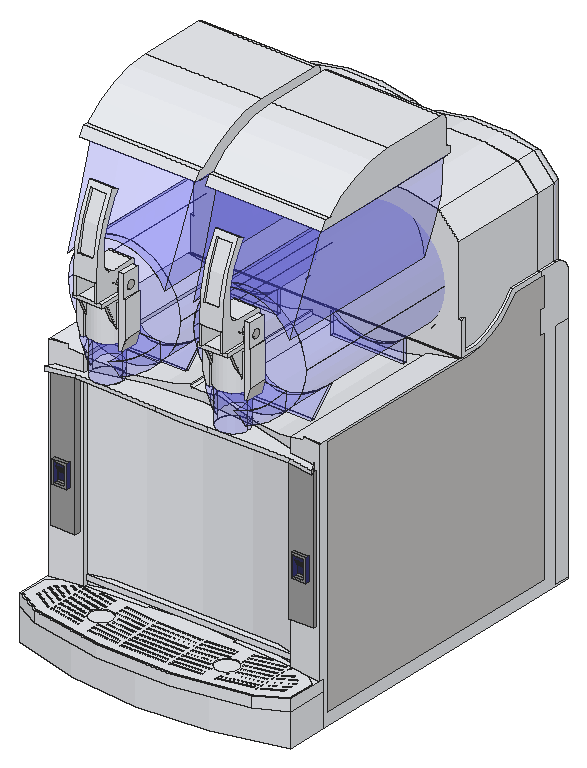
Revit family "QF_ELECTROLUXPROFESSIONAL_560051_NINA2ITNKUK", category Specialty Equipment, Revit 2018 (continued)
Automatic sketch dimensions
  curve 4 to plane 6 "BACK" = 0.033 mm
  plane 10 to curve 159 = 3.59 mm
  curve 159 to curve 160 = 1.194 mm
  curve 177 to plane 10 = 1.369 mm
  curve 177 to curve 176 = 1.389 mm
  curve 176 to curve 175 = 4.011 mm
  curve 175 to curve 174 = 3.03 mm
  curve 170 to curve 183 = 8.9 mm
  curve 171 to curve 170 = 0.0 mm
  curve 172 to curve 171 = 0.0 mm
  curve 173 to curve 172 = 0.0 mm
  curve 168 to curve 167 = 3.227 mm
  plane 5 "FRONT" to curve 184 = 20.343 mm
  curve 184 to curve 183 = 2.609 mm
  curve 148 to curve 147 = 4.797 mm
  curve 147 to curve 146 = 0.875 mm
  curve 146 to curve 141 = 3.227 mm
  curve 146 to curve 144 = 3.227 mm
  curve 145 to curve 144 = 0.0 mm
  curve 140 to curve 138 = 9.741 mm
  curve 139 to curve 138 = 0.0 mm
  curve 138 to curve 137 = 3.654 mm
  curve 137 to curve 136 = 1.538 mm
  curve 135 to plane 10 = 2.192 mm
  curve 134 to plane 10 = 0.268 mm
  curve 114 to curve 134 = 0.0 mm
  curve 6 to plane 6 "BACK" = 0.0 mm  (x2)
  curve 6 to curve 12 = 4.362 mm
  curve 6 to curve 6 = 0.004 mm
  curve 191 to plane 3 "Center (Left/Right)" = 5.0 mm
  plane 3 "Center (Left/Right)" to curve 191 = 5.0 mm
  curve 7 to plane 6 "BACK" = 0.001 mm  (x2)
  curve 13 to curve 7 = 4.354 mm
  curve 7 to curve 7 = 4.356 mm
  curve 114 to curve 58 = 0.0 mm
  curve 58 to plane 10 = 0.268 mm
  curve 58 to curve 59 = 1.022 mm
  curve 59 to curve 60 = 2.53 mm
  curve 60 to curve 61 = 1.538 mm
  curve 61 to curve 63 = 3.654 mm
  curve 63 to curve 66 = 9.741 mm
  curve 67 to curve 66 = 0.0 mm
  curve 68 to curve 67 = 0.0 mm
  curve 69 to curve 68 = 0.0 mm
  curve 65 to curve 64 = 0.0 mm
  curve 69 to curve 70 = 3.227 mm
  curve 70 to curve 71 = 0.875 mm
  plane 5 "FRONT" to curve 108 = 20.343 mm
  curve 107 to curve 108 = 2.609 mm
  curve 108 to curve 91 = 3.063 mm
  curve 91 to curve 92 = 3.227 mm
  curve 93 to curve 92 = 0.0 mm
  curve 94 to curve 93 = 0.0 mm
  curve 95 to curve 94 = 0.0 mm
  curve 96 to curve 95 = 0.0 mm
  curve 97 to curve 96 = 0.0 mm
  curve 98 to plane 10 = 11.571 mm
  curve 98 to curve 99 = 3.03 mm
  curve 100 to plane 10 = 3.771 mm
  curve 101 to plane 10 = 1.369 mm
  plane 10 to curve 83 = 3.59 mm
  curve 84 to curve 83 = 1.194 mm
  curve 8 to plane 6 "BACK" = 0.013 mm
  curve 8 to curve 9 = 14.054 mm
  curve 8 to plane 6 "BACK" = 0.012 mm
  curve 8 to curve 8 = 0.037 mm
  plane 10 to curve 111 = 6.754 mm
  curve 83 to curve 111 = 6.328 mm
  curve 111 to curve 112 = 1.05 mm
  curve 111 to curve 110 = 1.374 mm
  plane 10 to curve 82 = 3.5 mm
  curve 110 to curve 82 = 0.386 mm
  curve 82 to curve 81 = 4.125 mm
  curve 193 to curve 193 = 12.0 mm
  plane 8 "RIGHT" to curve 74 = 12.0 mm
  curve 75 to curve 74 = 0.0 mm
  curve 79 to curve 77 = 2.264 mm
  curve 78 to plane 10 = 3.925 mm
  curve 78 to curve 77 = 0.0 mm
  curve 23 to curve 74 = 0.0 mm
  curve 76 to curve 75 = 0.0 mm
  curve 110 to curve 22 = 6.743 mm
  curve 113 to curve 10 = 3.94 mm
  curve 18 to curve 115 = 5.89 mm
  curve 21 to curve 23 = 5.89 mm
  curve 23 to curve 74 = 2.287 mm
  curve 74 to curve 75 = 4.573 mm
  curve 150 to curve 151 = 4.573 mm
  curve 151 to curve 152 = 2.287 mm
  curve 77 to curve 78 = 2.287 mm
  curve 83 to curve 84 = 0.662 mm
  curve 159 to curve 160 = 0.662 mm
  plane 10 to curve 114 = 5.427 mm
  curve 22 to curve 112 = 7.581 mm
  curve 19 to curve 188 = 7.581 mm
  curve 188 to curve 190 = 0.422 mm
  curve 112 to curve 10 = 0.422 mm
  curve 193 to plane 9 = 73.749 mm
  curve 192 to plane 9 = 73.749 mm
  curve 191 to curve 114 = 58.61 mm
  curve 193 to curve 14 = 11.723 mm
  curve 192 to curve 11 = 11.723 mm
  curve 191 to curve 13 = 11.723 mm
  curve 191 to curve 12 = 11.723 mm
  Extrusion 41 sketch curve to plane 7 "LEFT" = 150.0 mm
  plane 7 "LEFT" to Extrusion 41 sketch curve = 0.0 mm
  plane 8 "RIGHT" to Extrusion 41 sketch curve = 0.0 mm
  Extrusion 41 sketch curve to plane 8 "RIGHT" = 150.0 mm
  Extrusion 41 sketch curve to plane 5 "FRONT" = 0.0 mm  (x2)
  plane 6 "BACK" to Extrusion 41 sketch curve = 0.0 mm
  Extrusion 41 sketch curve to Extrusion 41 sketch curve = 150.0 mm
  radius of Extrusion 3 sketch curve = 6.0 mm
  radius of Extrusion 4 sketch curve = 8.0 mm
  radius of Extrusion 5 sketch curve = 6.0 mm
  radius of Extrusion 6 sketch curve = 8.0 mm
  radius of Extrusion 7 sketch curve = 6.0 mm
  radius of Extrusion 8 sketch curve = 8.0 mm
  radius of Extrusion 9 sketch curve = 6.0 mm
  radius of Extrusion 10 sketch curve = 8.0 mm
  radius of Extrusion 25 sketch curve = 11.53 mm  (x2)
  radius of Extrusion 27 sketch curve = 10.0 mm
Nested families
  nested 1: "NINA1_Vasca" at (-65, 7.181, 24.5), type "NINA1_Vasca"
  nested 2: "NINA1_Vasca" at (65, 7.181, 24.586), type "NINA1_Vasca"
Connectors
  electrical at (0, 193.512, 25.877), driven by "Volts"
    settings: on Extrusion 27, index 1, voltage 230 V, apparent load 0 VA, apparent load phase1 0 VA, apparent load phase2 0 VA, apparent load phase3 0 VA, power factor 1, load classification "Other", number of poles 1, system type 30, power factor state 1, is connector primary yes, connector utility no, sub classification motor no, connector description "Electrical Connection"
Definition of nested family "NINA1_Vasca"
  Reference planes
    plane 1 "Center (Front/Back)": y = 0
    plane 2 "BASE": z = 0
    plane 3 "Center (Left/Right)": x = 0
    plane 4 "FEET": z = 14
    plane 5: y = -81
    plane 6 "SlopeBack": through (0, 294.5, 470.764) normal (0, 0.9659, 0.2588)
    plane 7 "TOP": z = 473
    plane 8: z = 250
    plane 9 "oblique": through (0, -111.213, 275.153) normal (0, -0.3746, 0.9272)
  Forms (mm)
    Extrusion 1, solid
      sketch origin (0, 93.757, 711) x (-1, 0, 0) y (0, -1, 0)
        loop
          circle (0, 226.958) r 15.5
      from -386.51 to -461.086
    Extrusion 2, solid
      sketch origin (0, 94.757, 746.22) x (-1, 0, 0) y (0, -1, 0)
        loop
          circle (0, 226.958) r 18
        loop
          circle (0, 226.958) r 16
      from -419.205 to -457.107
    Extrusion 3, solid
      sketch origin (0, 110.803, 696.477) x (-1, 0, 0) y (0, -1, 0)
        loop
          line (15.227, 270.303) -> (-15.227, 270.303) -> (-15.227, 224.483) -> (15.227, 224.483) -> (15.227, 270.303)
      from -363.359 to -367.263
    Extrusion 4, solid
      sketch origin (0, 64.882, -38.446) x (0, 1, 0) y (0, 0, 1)
        loop
          line (-226.563, 390.51) -> (-226.563, 371.564) -> (-178.92, 371.564) -> (-178.92, 391.372)
          arc (-178.92, 391.372) -> (-179.814, 393.531) -> (-181.974, 394.426) r 3.054
          line (-181.974, 394.426) -> (-206.974, 394.426)
          arc (-206.974, 394.426) -> (-214.474, 397.532) -> (-217.58, 405.032) r 10.607
          line (-217.58, 405.032) -> (-217.58, 427.635)
          arc (-217.58, 427.635) -> (-212.04, 445.462) -> (-203.889, 462.257) r 124.134
          line (-203.889, 462.257) -> (-201.54, 463.901) -> (-199.891, 466.614) -> (-206.196, 470.446)
          arc (-206.196, 470.446) -> (-222.352, 432) -> (-226.563, 390.51) r 141.074
      from 12 to -12
    Extrusion 5, solid
      sketch origin (-131, 110.803, -30.523) x (0, 1, 0) y (0, 0, 1)
        loop
          line (-264.5, 359.737) -> (-248.575, 325.586) -> (-246.902, 325.586) -> (-246.902, 359.737) -> (-264.5, 359.737)
      from 143.221 to 146.227
    Extrusion 6, solid
      sketch origin (0, -212.5, -30.716) x (-1, 0, 0) y (0, 0, 1)
        loop
          line (-18, 313.898) -> (-18, 386.88) -> (-23.482, 386.88) -> (-23.482, 363.641) -> (-24.969, 363.641) -> (-24.969, 326.88) -> (-21, 313.898) -> (-18, 313.898)
        loop
          line (18, 313.898) -> (21, 313.898) -> (24.969, 326.88) -> (24.969, 363.641) -> (23.482, 363.641) -> (23.482, 386.88) -> (18, 386.88) -> (18, 313.898)
      from 89.299 to 71.184
    Extrusion 7, solid
      sketch origin (0, 110.803, 840.775) x (-1, 0, 0) y (0, -1, 0)
        loop
          line (-15.227, 246.902) -> (-15.227, 225.09) -> (15.227, 225.09) -> (15.227, 246.902) -> (-15.227, 246.902)
      from -507.658 to -503.341
    Extrusion 8, void
      sketch origin (0, 100.803, -34.78) x (0, 1, 0) y (0, 0, 1)
        loop
          circle (-234.353, 378.005) r 3.978
      from 24.969 to -24.969
    Extrusion 9, solid
      sketch origin (0, 100.803, -34.78) x (0, 1, 0) y (0, 0, 1)
        loop
          circle (-234.353, 378.005) r 3.978
      from 24 to -24
    Extrusion 10, solid
      sketch origin (0, 212.5, -83.88) x (-1, 0, 0) y (0, 0, 1)
        loop
          circle (0, 394.542) r 62
        loop
          circle (0, 394.542) r 58
      from -129.207 to -140.93
    Extrusion 11, solid
      sketch origin (0, -212.5, 101.858) x (-1, 0, 0) y (0, 0, 1)
        loop
          line (49.6, 238.868) -> (54.311, 328.744) -> (58.38, 328.744) -> (58.38, 331.36) -> (-58.38, 331.36) -> (-58.38, 328.744) -> (-54.311, 328.744) -> (-49.6, 238.868)
          arc (-49.6, 238.868) -> (0, 266.804) -> (49.6, 238.868) r 58
      from 70.017 to 284.07
    Blend 12, void
      base sketch origin (0, 16.422, 0) x (1, 0, 0) y (0, 1, 0)
        loop
          arc (82, -118.5) -> (-0.5, -148.501) -> (-83, -118.5) r 128.434
          line (-83, -118.5) -> (-83, -163.5) -> (82, -163.5) -> (82, -118.5)
      top sketch origin (0, 16.422, 0) x (1, 0, 0) y (0, 1, 0)
        loop
          line (-83, -87.516) -> (-83, -163.5) -> (82, -163.5) -> (82, -87.516)
          arc (82, -87.516) -> (-0.5, -101.483) -> (-83, -87.516) r 250.65
      from 340 to 451.416
    Extrusion 13, void
      sketch origin (0, 0, 0) x (0, 1, 0) y (0, 0, 1)
        loop
          arc (-144.281, 426.88) -> (-155.374, 400.936) -> (-161.083, 373.302) r 141.074
          line (-161.083, 373.302) -> (-159.474, 373.302)
          arc (-159.474, 373.302) -> (-153.828, 400.519) -> (-142.898, 426.075) r 139.474
          line (-142.898, 426.075) -> (-144.281, 426.88)
      from -8 to 8
    Extrusion 14, solid
      sketch origin (0, 0, 0) x (0, 1, 0) y (0, 0, 1)
        loop
          line (71.57, 439.787) -> (66.342, 441.879) -> (66.342, 466.879)
          arc (66.342, 466.879) -> (64.549, 471.207) -> (60.221, 473) r 6.121
          line (60.221, 473) -> (-8.308, 473)
          arc (-8.308, 473) -> (-48.867, 464.422) -> (-83.658, 441.879) r 113.743
          line (-83.658, 441.879) -> (-88.658, 441.879) -> (-93.658, 433.219) -> (71.57, 433.219) -> (71.57, 439.787)
      from 60 to -60
    Extrusion 15, void
      sketch origin (0, -212.5, 0) x (-1, 0, 0) y (0, 0, 1)
        loop
          circle (0, 310.663) r 58
      from 252.476 to 256.393
    Extrusion 16, solid
      sketch origin (0, 0, 0) x (0, 1, 0) y (0, 0, 1)
        loop
          line (43.893, 274.394) -> (39.976, 274.394) -> (39.976, 243.352) -> (43.893, 243.352) -> (43.893, 274.394)
      from -38 to 38
    Extrusion 17, solid
      sketch origin (0, 0, 0) x (0, 1, 0) y (0, 0, 1)
        loop
          line (-79.951, 243.352) -> (-75.844, 243.352) -> (-44.478, 274.718) -> (-48.585, 274.718) -> (-79.951, 243.352)
      from -38 to 38
    Extrusion 18, void
      sketch origin (0, -212.5, 0) x (-1, 0, 0) y (0, 0, 1)
        loop
          circle (0, 310.663) r 58
      from 130.305 to 168.022
    Extrusion 19, solid
      sketch origin (0, -212.5, 0) x (-1, 0, 0) y (0, 0, 1)
        loop
          circle (0, 310.663) r 58
      from 284.07 to 101.287
    Blend 20, void
      base sketch origin (0, -51.422, 0) x (1, 0, 0) y (0, 1, 0)
        loop
          line (82, 118.5) -> (82, 163.5) -> (-83, 163.5) -> (-83, 118.5)
          arc (-83, 118.5) -> (-0.5, 148.501) -> (82, 118.5) r 128.434
      top sketch origin (0, -51.422, 0) x (1, 0, 0) y (0, 1, 0)
        loop
          arc (-83, 87.516) -> (-0.5, 111) -> (82, 87.516) r 156.656
          line (82, 87.516) -> (82, 163.5) -> (-83, 163.5) -> (-83, 87.516)
      from 426.709 to 337.435
    Extrusion 21, solid
      sketch origin (131, 110.803, -30.523) x (0, 1, 0) y (0, 0, -1)
        loop
          line (-264.5, -359.737) -> (-246.902, -359.737) -> (-246.902, -325.586) -> (-248.575, -325.586) -> (-264.5, -359.737)
      from 143.221 to 146.227
    Extrusion 22, void
      sketch origin (0, -212.5, 0) x (-1, 0, 0) y (0, 0, 1)
        loop
          line (9.387, 352.063) -> (-9.387, 352.063) -> (-9.387, 333.118) -> (9.387, 333.118) -> (9.387, 352.063)
      from 47.252 to 98.82
    Extrusion 23, solid
      sketch origin (0, -111.175, 275.168) x (0, 0.927184, 0.374607) y (-1, 0, 0)
        loop
          line (3.629, -37.924) -> (3.629, 37.076)
          arc (3.629, 37.076) -> (-33.871, -0.424) -> (3.629, -37.924) r 37.5
      from -9 to 10
    Extrusion 24, void
      sketch origin (0, 93.757, 711) x (-1, 0, 0) y (0, -1, 0)
        loop
          circle (0, 226.958) r 15.5
      from -386.51 to -461.086
  Cuts and joins
    Extrusion 13, Blend 20, Extrusion 22 cuts Extrusion 4
    Extrusion 13 cuts Extrusion 5
    joined: Extrusion 5, Extrusion 21
    Extrusion 8 cuts Extrusion 6
    Blend 12, Extrusion 18, Blend 20 cuts Extrusion 11
    Extrusion 15, Extrusion 18 cuts Extrusion 16
    Extrusion 18 cuts Extrusion 17
    Blend 20 cuts Extrusion 14
    Extrusion 24 cuts Extrusion 23
    joined: Extrusion 19, Extrusion 23
  Lines and regions (mm)
    symbolic lines
      curve 1: line (-60, 71.57, 0) -> (-60, -93.658, 0)
      curve 2: line (60, 71.57, 0) -> (-60, 71.57, 0)
      curve 3: line (62, 83.293, 0) -> (-62, 83.293, 0)
      curve 4: line (60, 66.342, 0) -> (-60, 66.342, 0)
      curve 5: line (60, -93.658, 0) -> (60, 71.57, 0)
      curve 6: line (-60, -8.308, 0) -> (60, -8.308, 0)
      curve 7: line (-60, -83.658, 0) -> (60, -83.658, 0)
      curve 8: line (-60, -88.658, 0) -> (60, -88.658, 0)
      curve 9: line (-60, -93.658, 0) -> (60, -93.658, 0)
      curve 10: arc (58.38, -88.744, 0) -> (-0.61, -100.704, 0) -> (-59.583, -88.658, 0) r 150.92
      curve 11: spline (-53.991, -93.658, 0) -> (-53.625, -96.009, 0) -> (-53.259, -98.364, 0) -> (-52.893, -100.722, 0) -> (-52.527, -103.083, 0) -> (-52.161, -105.448, 0) -> (-51.795, -107.816, 0) -> (-51.429, -110.187, 0) -> (-51.063, -112.561, 0) -> (-50.697, -114.938, 0) -> (-50.332, -117.319, 0) -> (-49.966, -119.703, 0) -> (-49.6, -122.091, 0)
      curve 12: line (-58, -111.213, 0) -> (58, -111.213, 0)
      curve 13: spline (-35.314, -122.091, 0) -> (-34.789, -123.514, 0) -> (-34.198, -124.914, 0) -> (-33.543, -126.29, 0) -> (-32.824, -127.638, 0) -> (-32.043, -128.957, 0) -> (-31.201, -130.242, 0) -> (-30.3, -131.493, 0) -> (-29.341, -132.706, 0) -> (-28.327, -133.88, 0) -> (-27.259, -135.012, 0) -> (-26.139, -136.1, 0) -> (-24.969, -137.142, 0)
      curve 14: arc (24.969, -137.699, 0) -> (31.833, -130.581, 0) -> (36.174, -121.696, 0) r 31.75
      curve 15: arc (15.227, -143.45, 0) -> (17.568, -142.495, 0) -> (19.804, -141.316, 0) r 25.92
      curve 16: line (-12, -161.838, 0) -> (12, -161.838, 0)
      curve 17: line (12, -161.838, 0) -> (12, -121.838, 0)
      curve 18: line (18, -137.528, 0) -> (12, -137.528, 0)
      curve 19: line (18, -129.571, 0) -> (12, -129.571, 0)
      curve 20: line (18, -123.201, 0) -> (18, -141.316, 0)
      curve 21: line (24.969, -123.201, 0) -> (18, -123.201, 0)
      curve 22: line (18, -141.316, 0) -> (24.969, -141.316, 0)
      curve 23: line (24.969, -141.316, 0) -> (24.969, -123.201, 0)
      curve 24: line (23.482, -141.316, 0) -> (23.482, -123.201, 0)
      curve 25: line (-12, -135.009, 0) -> (12, -135.009, 0)
      curve 26: line (12, -141.314, 0) -> (-12, -141.314, 0)
      curve 27: line (8, -161.083, 0) -> (-8, -161.083, 0)
      curve 28: line (8, -159.474, 0) -> (-8, -159.474, 0)
      curve 29: line (8, -161.083, 0) -> (8, -144.281, 0)
      curve 30: line (-8, -144.281, 0) -> (-8, -161.083, 0)
      curve 31: line (-8, -144.281, 0) -> (8, -144.281, 0)
      curve 32: line (-24.969, -123.201, 0) -> (-24.969, -141.316, 0)
      curve 33: line (-23.482, -123.201, 0) -> (-23.482, -141.316, 0)
      curve 34: line (-18, -141.316, 0) -> (-18, -123.201, 0)
      curve 35: line (-18, -129.548, 0) -> (-12, -129.548, 0)
      curve 36: line (-18, -137.527, 0) -> (-12, -137.527, 0)
      curve 37: line (-12, -122.386, 0) -> (-12, -161.838, 0)
      curve 38: line (-24.969, -123.201, 0) -> (-18, -123.201, 0)
      curve 39: line (-24.969, -141.316, 0) -> (-18, -141.316, 0)
      curve 41: line (-49.6, -122.091, 0) -> (49.381, -122.091, 0)
      curve 42: line (49.381, -122.091, 0) -> (53.884, -93.658, 0)
      curve 43: line (-58, -93.658, 0) -> (-58, -111.213, 0)
      curve 44: line (58, -111.213, 0) -> (58, -93.658, 0)
      curve 45: line (-62, 71.57, 0) -> (-62, 83.293, 0)
      curve 46: line (62, 71.57, 0) -> (62, 83.293, 0)
      curve 47: line (-18.887, -141.316, 0) -> (-15.227, -143.181, 0)
      curve 48: line (-15.227, -137.527, 0) -> (-15.227, -159.5, 0)
      curve 49: line (15.227, -159.5, 0) -> (15.227, -137.528, 0)
      curve 50: line (-15.227, -159.5, 0) -> (-12, -159.5, 0)
      curve 51: line (15.227, -159.5, 0) -> (12, -159.5, 0)
    model lines
      curve 40: line (49.381, -122.091, 0) -> (53.884, -93.658, 0)
  Dimensions and locks
    plane 7 "TOP" to level = 473.0 mm  (x2)
    plane 8 to level = 250.0 mm  (x2)
    aligned and locked: level to plane 2 "BASE"
